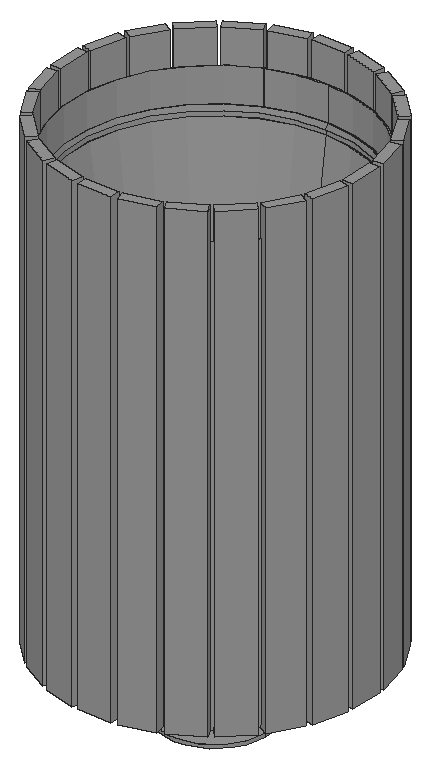
Revit family "Урна «Парк М. Горького» Арт 10386.jpg", category Антураж, Revit 2018
Family settings
  На основе рабочей плоскости = Нет
  Всегда вертикально = Да
  При загрузке вырезать с полостями = Нет
  Источник визуального образа = Геометрия семейства
  Общий = Нет
  Точка расчета площади = Нет
Parameters (values of type "Урна «Парк М. Горького». Версия На одной опоре, без пепельницы")
  Ширина = Диаметр  # 450 mm
  Цвет урны = Сталь
  Цвет отделки = Дерево
  Стандарт = not(Одна опора)  # no
  Описание = if(Одна опора, "Урна «Парк М. Горького». Версия: На одной опоре, без пепельницы", "Урна «Парк М. Горького». Версия: Стандарт, без пепельницы")  # "Урна «Парк М. Горького». Версия: На одной опоре, без пепельницы"
  Одна опора = yes
  Материал изделия = "Сталь, дерево"  # constant formula
  Изображение типоразмера = Урна «Парк М. Горького» На одной опоре, без пепельницы Арт 10386.jpg
  Изготовитель = "ООО «Хоббика»"  # constant formula
  Длина = Диаметр  # 450 mm
  Диаметр = 450 mm  # constant formula
  Группа модели = "Уличные урны"  # constant formula
  Высота = 800 mm  # constant formula
  Артикул товара = "Арт. 10386"  # constant formula
  URL = "https://hobbyka.ru/product/urna_park_m_gorkogo/"
Types (3, lengths in mm): name | Стандарт | Описание | Одна опора
  (no name) | no | "Урна «Парк М. Горького». Версия: На одной опоре, без пепельницы" | yes
  Урна «Парк М. Горького». Версия На одной опоре, без пепельницы | no | "Урна «Парк М. Горького». Версия: На одной опоре, без пепельницы" | yes
  Урна «Парк М. Горького». Версия Стандарт, без пепельницы | yes | "Урна «Парк М. Горького». Версия: Стандарт, без пепельницы" | no
Reference planes
  plane 1 "По центру (Вперед/Назад)": y = 0
  plane 2: z = 0
  plane 3 "По центру (Влево/Вправо)": x = 0
  plane 4: x = 450
  plane 5: y = 450
  plane 6: z = 800
Forms (mm)
  Extrusion 1, solid, material "Сталь" <- "Цвет урны", visible <- "Одна опора"
    sketch origin (0, 0, 0) x (1, 0, 0) y (0, 1, 0)
      loop
        circle (225, 225) r 75
    from 0 to 5
  Extrusion 2, solid, material "Сталь" <- "Цвет урны", visible <- "Одна опора"
    sketch origin (0, 0, 0) x (1, 0, 0) y (0, 1, 0)
      loop
        circle (225, 225) r 35
    from 0 to 100
  Revolve 3, solid, material "Сталь" <- "Цвет урны"
    sketch origin (225, 0, 0) x (0, 1, 0) y (0, 0, 1)
      loop
        line (225, 100) -> (225, 101) -> (16, 101) -> (16, 750) -> (15, 750) -> (15, 100) -> (225, 100)
      axis (225, 100) -> (225, 750)
    angle from 0 to 360
  Revolve 4, solid, material "Цинк"
    sketch origin (225, 0, 0) x (0, 1, 0) y (0, 0, 1)
      loop
        line (225, 101) -> (225, 103) -> (106.725, 103) -> (20.251, 685) -> (19.251, 685) -> (19.251, 691.73) -> (18.022, 700) -> (16, 700) -> (105, 101) -> (225, 101)
      axis (225, 700) -> (225, 101)
    angle from 0 to 360
  Extrusion 5, solid, material "Дерево" <- "Цвет отделки"
    sketch origin (0, 0, 0) x (1, 0, 0) y (0, 1, 0)
      loop
        line (200, 435) -> (250, 435) -> (250, 450) -> (200, 450) -> (200, 435)
    from 100 to 800
  Extrusion 6, solid, material "Дерево" <- "Цвет отделки"
    sketch origin (-50.568, 65.901, 0) x (0.965926, -0.258819, 0) y (0.258819, 0.965926, 0)
      loop
        line (200, 435) -> (250, 435) -> (250, 450) -> (200, 450) -> (200, 435)
    from 100 to 800
  Extrusion 7, solid, material "Дерево" <- "Цвет отделки"
    sketch origin (-82.356, 142.644, 0) x (0.866025, -0.5, 0) y (0.5, 0.866025, 0)
      loop
        line (200, 435) -> (250, 435) -> (250, 450) -> (200, 450) -> (200, 435)
    from 100 to 800
  Extrusion 8, solid, material "Дерево" <- "Цвет отделки"
    sketch origin (-93.198, 225, 0) x (0.707107, -0.707107, 0) y (0.707107, 0.707107, 0)
      loop
        line (200, 435) -> (250, 435) -> (250, 450) -> (200, 450) -> (200, 435)
    from 100 to 800
  Extrusion 9, solid, material "Дерево" <- "Цвет отделки"
    sketch origin (-82.356, 307.356, 0) x (0.5, -0.866025, 0) y (0.866025, 0.5, 0)
      loop
        line (200, 435) -> (250, 435) -> (250, 450) -> (200, 450) -> (200, 435)
    from 100 to 800
  Extrusion 10, solid, material "Дерево" <- "Цвет отделки"
    sketch origin (-50.568, 384.099, 0) x (0.258819, -0.965926, 0) y (0.965926, 0.258819, 0)
      loop
        line (200, 435) -> (250, 435) -> (250, 450) -> (200, 450) -> (200, 435)
    from 100 to 800
  Extrusion 11, solid, material "Дерево" <- "Цвет отделки"
    sketch origin (0, 450, 0) x (0, -1, 0) y (1, 0, 0)
      loop
        line (200, 435) -> (250, 435) -> (250, 450) -> (200, 450) -> (200, 435)
    from 100 to 800
  Extrusion 12, solid, material "Дерево" <- "Цвет отделки"
    sketch origin (65.901, 500.568, 0) x (-0.258819, -0.965926, 0) y (0.965926, -0.258819, 0)
      loop
        line (200, 435) -> (250, 435) -> (250, 450) -> (200, 450) -> (200, 435)
    from 100 to 800
  Extrusion 13, solid, material "Дерево" <- "Цвет отделки"
    sketch origin (142.644, 532.356, 0) x (-0.5, -0.866025, 0) y (0.866025, -0.5, 0)
      loop
        line (200, 435) -> (250, 435) -> (250, 450) -> (200, 450) -> (200, 435)
    from 100 to 800
  Extrusion 14, solid, material "Дерево" <- "Цвет отделки"
    sketch origin (225, 543.198, 0) x (-0.707107, -0.707107, 0) y (0.707107, -0.707107, 0)
      loop
        line (200, 435) -> (250, 435) -> (250, 450) -> (200, 450) -> (200, 435)
    from 100 to 800
  Extrusion 15, solid, material "Дерево" <- "Цвет отделки"
    sketch origin (307.356, 532.356, 0) x (-0.866025, -0.5, 0) y (0.5, -0.866025, 0)
      loop
        line (200, 435) -> (250, 435) -> (250, 450) -> (200, 450) -> (200, 435)
    from 100 to 800
  Extrusion 16, solid, material "Дерево" <- "Цвет отделки"
    sketch origin (384.099, 500.568, 0) x (-0.965926, -0.258819, 0) y (0.258819, -0.965926, 0)
      loop
        line (200, 435) -> (250, 435) -> (250, 450) -> (200, 450) -> (200, 435)
    from 100 to 800
  Extrusion 17, solid, material "Дерево" <- "Цвет отделки"
    sketch origin (450, 450, 0) x (-1, 0, 0) y (0, -1, 0)
      loop
        line (200, 435) -> (250, 435) -> (250, 450) -> (200, 450) -> (200, 435)
    from 100 to 800
  Extrusion 18, solid, material "Дерево" <- "Цвет отделки"
    sketch origin (500.568, 384.099, 0) x (-0.965926, 0.258819, 0) y (-0.258819, -0.965926, 0)
      loop
        line (200, 435) -> (250, 435) -> (250, 450) -> (200, 450) -> (200, 435)
    from 100 to 800
  Extrusion 19, solid, material "Дерево" <- "Цвет отделки"
    sketch origin (532.356, 307.356, 0) x (-0.866025, 0.5, 0) y (-0.5, -0.866025, 0)
      loop
        line (200, 435) -> (250, 435) -> (250, 450) -> (200, 450) -> (200, 435)
    from 100 to 800
  Extrusion 20, solid, material "Дерево" <- "Цвет отделки"
    sketch origin (543.198, 225, 0) x (-0.707107, 0.707107, 0) y (-0.707107, -0.707107, 0)
      loop
        line (200, 435) -> (250, 435) -> (250, 450) -> (200, 450) -> (200, 435)
    from 100 to 800
  Extrusion 21, solid, material "Дерево" <- "Цвет отделки"
    sketch origin (532.356, 142.644, 0) x (-0.5, 0.866025, 0) y (-0.866025, -0.5, 0)
      loop
        line (200, 435) -> (250, 435) -> (250, 450) -> (200, 450) -> (200, 435)
    from 100 to 800
  Extrusion 22, solid, material "Дерево" <- "Цвет отделки"
    sketch origin (500.568, 65.901, 0) x (-0.258819, 0.965926, 0) y (-0.965926, -0.258819, 0)
      loop
        line (200, 435) -> (250, 435) -> (250, 450) -> (200, 450) -> (200, 435)
    from 100 to 800
  Extrusion 23, solid, material "Дерево" <- "Цвет отделки"
    sketch origin (450, 0, 0) x (0, 1, 0) y (-1, 0, 0)
      loop
        line (200, 435) -> (250, 435) -> (250, 450) -> (200, 450) -> (200, 435)
    from 100 to 800
  Extrusion 24, solid, material "Дерево" <- "Цвет отделки"
    sketch origin (384.099, -50.568, 0) x (0.258819, 0.965926, 0) y (-0.965926, 0.258819, 0)
      loop
        line (200, 435) -> (250, 435) -> (250, 450) -> (200, 450) -> (200, 435)
    from 100 to 800
  Extrusion 25, solid, material "Дерево" <- "Цвет отделки"
    sketch origin (307.356, -82.356, 0) x (0.5, 0.866025, 0) y (-0.866025, 0.5, 0)
      loop
        line (200, 435) -> (250, 435) -> (250, 450) -> (200, 450) -> (200, 435)
    from 100 to 800
  Extrusion 26, solid, material "Дерево" <- "Цвет отделки"
    sketch origin (225, -93.198, 0) x (0.707107, 0.707107, 0) y (-0.707107, 0.707107, 0)
      loop
        line (200, 435) -> (250, 435) -> (250, 450) -> (200, 450) -> (200, 435)
    from 100 to 800
  Extrusion 27, solid, material "Дерево" <- "Цвет отделки"
    sketch origin (142.644, -82.356, 0) x (0.866025, 0.5, 0) y (-0.5, 0.866025, 0)
      loop
        line (200, 435) -> (250, 435) -> (250, 450) -> (200, 450) -> (200, 435)
    from 100 to 800
  Extrusion 28, solid, material "Дерево" <- "Цвет отделки"
    sketch origin (65.901, -50.568, 0) x (0.965926, 0.258819, 0) y (-0.258819, 0.965926, 0)
      loop
        line (200, 435) -> (250, 435) -> (250, 450) -> (200, 450) -> (200, 435)
    from 100 to 800
  Extrusion 29, solid, material "Сталь" <- "Цвет урны", visible <- "Стандарт"
    sketch origin (0, 0, 0) x (1, 0, 0) y (0, 1, 0)
      loop
        line (232.5, 414.749) -> (232.5, 429.749) -> (217.5, 429.749) -> (217.5, 414.749) -> (232.5, 414.749)
      loop
        line (232.5, 35.251) -> (217.5, 35.251) -> (217.5, 20.251) -> (232.5, 20.251) -> (232.5, 35.251)
      loop
        line (414.749, 217.5) -> (429.749, 217.5) -> (429.749, 232.5) -> (414.749, 232.5) -> (414.749, 217.5)
      loop
        line (35.251, 217.5) -> (35.251, 232.5) -> (20.251, 232.5) -> (20.251, 217.5) -> (35.251, 217.5)
    from 0 to 100
  Extrusion 30, solid, material "Сталь" <- "Цвет урны", visible <- "Стандарт"
    sketch origin (0, 0, 0) x (1, 0, 0) y (0, 1, 0)
      loop
        circle (225, 422.249) r 25
      loop
        circle (27.751, 225) r 25
      loop
        circle (422.249, 225) r 25
      loop
        circle (225, 27.751) r 25
    from 0 to 5
Cuts and joins
  joined: Extrusion 1, Extrusion 2
  joined: Extrusion 29, Extrusion 30
Lines and regions (mm)
  reference lines
    curve 1: circle (225, 225, 0) r 225 normal (0, 0, 1)
Dimensions and locks
  "Длина": plane 4 to plane 3 "По центру (Влево/Вправо)"
  "Ширина": plane 5 to plane 1 "По центру (Вперед/Назад)"
  "Высота": plane 6 to plane 2
  "Диаметр": diameter of curve 1
  aligned and locked: level to plane 2
Automatic sketch dimensions
  plane 3 "По центру (Влево/Вправо)" to curve 1 = 225 mm
  curve 1 to plane 1 "По центру (Вперед/Назад)" = 225 mm
  plane 3 "По центру (Влево/Вправо)" to Extrusion 1 sketch curve = 225 mm
  Extrusion 1 sketch curve to plane 1 "По центру (Вперед/Назад)" = 225 mm
  plane 3 "По центру (Влево/Вправо)" to Extrusion 2 sketch curve = 225 mm
  Extrusion 2 sketch curve to plane 1 "По центру (Вперед/Назад)" = 225 mm
  Revolve 3 sketch curve to plane 6 = 0 mm
  Revolve 3 sketch curve to plane 1 "По центру (Вперед/Назад)" = 15 mm
  Revolve 3 sketch curve to Revolve 3 sketch curve = 1 mm  (x2)
  level to Revolve 3 sketch curve = 100 mm
  Revolve 3 sketch curve to Revolve 3 sketch curve = 209 mm  (x2)
  Revolve 3 sketch curve to plane 6 = 50 mm
  Revolve 3 sketch curve to Revolve 3 sketch curve = 0 mm
  Revolve 4 sketch curve to plane 1 "По центру (Вперед/Назад)" = 16 mm
  Revolve 4 sketch curve to Revolve 4 sketch curve = 2.022 mm
  Revolve 4 sketch curve to Revolve 4 sketch curve = 1.229 mm
  Revolve 4 sketch curve to Revolve 4 sketch curve = 1 mm  (x2)
  Revolve 4 sketch curve to plane 1 "По центру (Вперед/Назад)" = 105 mm
  Revolve 4 sketch curve to Revolve 4 sketch curve = 1.725 mm
  Revolve 4 sketch curve to Revolve 4 sketch curve = 118.275 mm
  level to Revolve 4 sketch curve = 101 mm
  Revolve 4 sketch curve to Revolve 4 sketch curve = 2 mm
  Revolve 4 sketch curve to plane 6 = 115 mm
  Revolve 4 sketch curve to Revolve 4 sketch curve = 6.73 mm
  Revolve 4 sketch curve to Revolve 4 sketch curve = 8.27 mm
  Revolve 4 sketch curve to Revolve 4 sketch curve = 0 mm
  Revolve 4 sketch curve to plane 6 = 50 mm
  Extrusion 5 sketch curve to Extrusion 5 sketch curve = 50 mm
  Extrusion 5 sketch curve to Extrusion 5 sketch curve = 15 mm
  Extrusion 6 sketch curve to Extrusion 6 sketch curve = 50 mm
  Extrusion 6 sketch curve to Extrusion 6 sketch curve = 15 mm
  Extrusion 7 sketch curve to Extrusion 7 sketch curve = 50 mm
  Extrusion 7 sketch curve to Extrusion 7 sketch curve = 15 mm
  Extrusion 8 sketch curve to Extrusion 8 sketch curve = 50 mm
  Extrusion 8 sketch curve to Extrusion 8 sketch curve = 15 mm
  Extrusion 9 sketch curve to Extrusion 9 sketch curve = 50 mm
  Extrusion 9 sketch curve to Extrusion 9 sketch curve = 15 mm
  Extrusion 10 sketch curve to Extrusion 10 sketch curve = 50 mm
  Extrusion 10 sketch curve to Extrusion 10 sketch curve = 15 mm
  Extrusion 11 sketch curve to Extrusion 11 sketch curve = 50 mm
  Extrusion 11 sketch curve to Extrusion 11 sketch curve = 15 mm
  Extrusion 12 sketch curve to Extrusion 12 sketch curve = 50 mm
  Extrusion 12 sketch curve to Extrusion 12 sketch curve = 15 mm
  Extrusion 13 sketch curve to Extrusion 13 sketch curve = 50 mm
  Extrusion 13 sketch curve to Extrusion 13 sketch curve = 15 mm
  Extrusion 14 sketch curve to Extrusion 14 sketch curve = 50 mm
  Extrusion 14 sketch curve to Extrusion 14 sketch curve = 15 mm
  Extrusion 15 sketch curve to Extrusion 15 sketch curve = 50 mm
  Extrusion 15 sketch curve to Extrusion 15 sketch curve = 15 mm
  Extrusion 16 sketch curve to Extrusion 16 sketch curve = 50 mm
  Extrusion 16 sketch curve to Extrusion 16 sketch curve = 15 mm
  Extrusion 17 sketch curve to Extrusion 17 sketch curve = 50 mm
  Extrusion 17 sketch curve to Extrusion 17 sketch curve = 15 mm
  Extrusion 18 sketch curve to Extrusion 18 sketch curve = 50 mm
  Extrusion 18 sketch curve to Extrusion 18 sketch curve = 15 mm
  Extrusion 19 sketch curve to Extrusion 19 sketch curve = 50 mm
  Extrusion 19 sketch curve to Extrusion 19 sketch curve = 15 mm
  Extrusion 20 sketch curve to Extrusion 20 sketch curve = 50 mm
  Extrusion 20 sketch curve to Extrusion 20 sketch curve = 15 mm
  Extrusion 21 sketch curve to Extrusion 21 sketch curve = 50 mm
  Extrusion 21 sketch curve to Extrusion 21 sketch curve = 15 mm
  Extrusion 22 sketch curve to Extrusion 22 sketch curve = 50 mm
  Extrusion 22 sketch curve to Extrusion 22 sketch curve = 15 mm
  Extrusion 23 sketch curve to Extrusion 23 sketch curve = 50 mm
  Extrusion 23 sketch curve to Extrusion 23 sketch curve = 15 mm
  Extrusion 24 sketch curve to Extrusion 24 sketch curve = 50 mm
  Extrusion 24 sketch curve to Extrusion 24 sketch curve = 15 mm
  Extrusion 25 sketch curve to Extrusion 25 sketch curve = 50 mm
  Extrusion 25 sketch curve to Extrusion 25 sketch curve = 15 mm
  Extrusion 26 sketch curve to Extrusion 26 sketch curve = 50 mm
  Extrusion 26 sketch curve to Extrusion 26 sketch curve = 15 mm
  Extrusion 27 sketch curve to Extrusion 27 sketch curve = 50 mm
  Extrusion 27 sketch curve to Extrusion 27 sketch curve = 15 mm
  Extrusion 28 sketch curve to Extrusion 28 sketch curve = 50 mm
  Extrusion 28 sketch curve to Extrusion 28 sketch curve = 15 mm
  plane 3 "По центру (Влево/Вправо)" to Extrusion 29 sketch curve = 20.251 mm
  Extrusion 29 sketch curve to Extrusion 29 sketch curve = 15 mm  (x8)
  Extrusion 29 sketch curve to plane 1 "По центру (Вперед/Назад)" = 35.251 mm
  plane 3 "По центру (Влево/Вправо)" to Extrusion 29 sketch curve = 217.5 mm  (x2)
  Extrusion 29 sketch curve to plane 5 = 35.251 mm
  Extrusion 29 sketch curve to plane 4 = 35.251 mm
  Extrusion 29 sketch curve to plane 1 "По центру (Вперед/Назад)" = 217.5 mm  (x2)
  plane 3 "По центру (Влево/Вправо)" to Extrusion 30 sketch curve = 27.751 mm
  Extrusion 30 sketch curve to plane 1 "По центру (Вперед/Назад)" = 27.751 mm
  plane 3 "По центру (Влево/Вправо)" to Extrusion 30 sketch curve = 225 mm  (x2)
  Extrusion 30 sketch curve to plane 5 = 27.751 mm
  Extrusion 30 sketch curve to plane 4 = 27.751 mm
  Extrusion 30 sketch curve to plane 1 "По центру (Вперед/Назад)" = 225 mm  (x2)
  radius of Extrusion 1 sketch curve = 75 mm
  radius of Extrusion 2 sketch curve = 35 mm
  radius of Extrusion 30 sketch curve = 25 mm  (x4)
